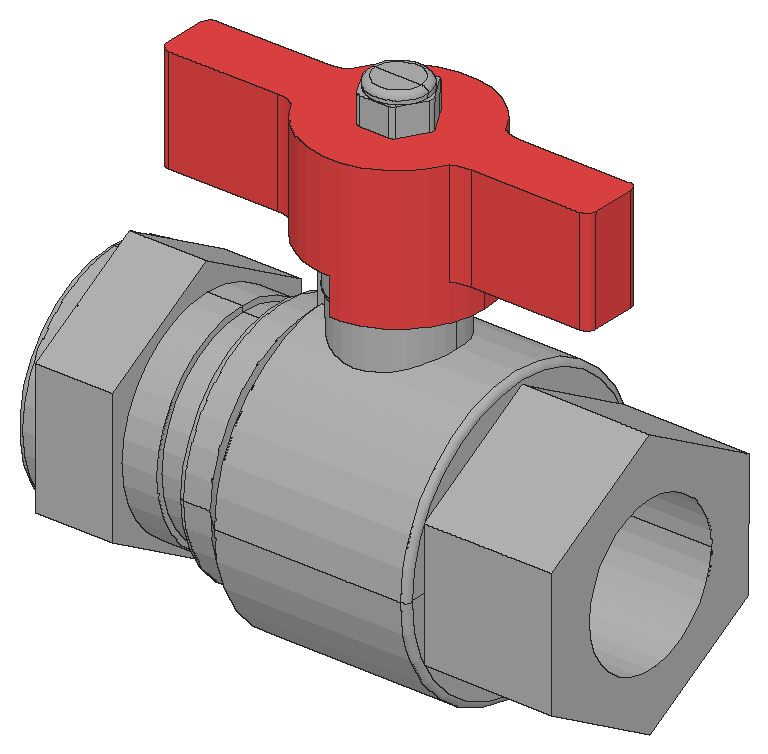
Revit family "QA10860000", category Apparecchi idraulici, Revit 2016
Family settings
  Tipo di parte = Normale
  Quota connettore circolare = Usa diametro
  Numero OmniClass = 23.45.00.00
  Titolo OmniClass = Sanitary, Laundry, and Cleaning Equipment
  Basato su piano di lavoro = No
  Sempre verticale = Sì
  Taglio con vuoti quando caricato = No
  Condiviso = No
  Punto di calcolo locali = No
Parameters
  URL = "https://web.cimberio.it/index.php/figura/349?subcategoria_id=42864"
  DN Model [instance] = QA10863159 : QA10863159
  DN [instance] = 25 mm
Reference planes
  plane 1 "Centro (Fronte/Retro)": y = 0
  plane 2: z = 0
  plane 3 "Centro (Sinistra/Destra)": x = 0
Dimensions and locks
  aligned and locked: level to plane 2
Nested families
  nested 1: "QA10863159" at (0, 0, 0), type <- "DN Model", type "QA10863159"
    with DN 10 mm
  nested 2: "QA10863159" at (0, 0, 0), type <- "DN Model", type "QA10863159"
    with DN 10 mm
  nested 3: "QA10863159" at (0, 0, 0), type <- "DN Model", type "QA10863159"
    with DN 10 mm
  nested 4: "QA10863159" at (0, 0, 0), type <- "DN Model", type "QA10863159"
    with DN 10 mm
  nested 5: "QA10863159" at (0, 0, 0), type <- "DN Model", type "QA10863159"
    with DN 10 mm
  nested 6: "QA10863159" at (0, 0, 0), type <- "DN Model", type "QA10863159"
    with DN 10 mm
Connectors
  piping at (41, 0, 0), diameter 25, driven by "DN"
    settings: on nested 1, index 1, connector inside diameter 609.6 mm, connector length 0 mm, flow factor 0, pipe flow 0.0 L/s, pressure drop 0.0 Pa, fitting loss kfactor 0, connector angle 0.00°, fixture units 0, engagement length 0 mm, angle of deflection 0.00°, flow configuration 0, flow direction 0, fitting loss method 0, system type 7, joint type 0, gender type 0, connector reference index -1, connector utility 0, adjustable connector no, is connector primary yes, connector description ""
  piping at (-43.802, 0, 0), diameter 25, driven by "DN"
    settings: on nested 1, index 2, connector inside diameter 609.6 mm, connector length 0 mm, flow factor 0, pipe flow 0.0 L/s, pressure drop 0.0 Pa, fitting loss kfactor 0, connector angle 0.00°, fixture units 0, engagement length 0 mm, angle of deflection 0.00°, flow configuration 0, flow direction 0, fitting loss method 0, system type 7, joint type 0, gender type 0, connector reference index -1, connector utility 0, adjustable connector no, is connector primary no, connector description ""
Definition of nested family "QA10863159"
  Parameters (values of type "QA10863159")
    DN [instance] = 10 mm  # constant formula
  Reference planes
    plane 1 "Centro (Fronte/Retro)": y = 0
    plane 2: z = 0
    plane 3 "Centro (Sinistra/Destra)": x = 0
  Forms (mm)
    Revolve 1, solid
      sketch origin (0, 0, 0) x (1, 0, 0) y (0, 1, 0)
        loop
          line (-20, 12.5) -> (20.021, 12.5) -> (20.1, 22.5)
          arc (20.1, 22.5) -> (19.808, 23.207) -> (19.101, 23.5) r 1
          line (19.101, 23.5) -> (-11.25, 23.5) -> (-14.75, 20) -> (-19, 20)
          arc (-19, 20) -> (-19.707, 19.707) -> (-20, 19) r 1
          line (-20, 19) -> (-20, 12.5)
        axis (-20, 0) -> (20.1, 0)
      angle from 0 to 360
    Revolve 2, solid
      sketch origin (0, 0, 8) x (1, 0, 0) y (0, 0, 1)
        loop
          line (0.063, 27.3) -> (0.063, 11.623) -> (9.5, 11.623) -> (9.5, 21)
          arc (9.5, 21) -> (9.863, 21.294) -> (10, 21.742) r 0.8
          line (10, 21.742) -> (10, 27.3) -> (0.063, 27.3)
        axis (0.063, 11.623) -> (0.063, 27.3)
      angle from 0 to 360
    Extrusion 3, solid
      sketch origin (0, 0, 8) x (1, 0, 0) y (0, 0, 1)
        loop
          line (-14, 26.3) -> (-14, 22.5) -> (-12, 20.5) -> (-12, 10.345) -> (-7.86, 10.345) -> (-7.86, 26.3) -> (-14, 26.3)
      from -1.5 to 1.5
    Revolve 4, solid
      sketch origin (0, 0, 8) x (1, 0, 0) y (0, 0, 1)
        loop
          line (0, 30.531) -> (-6.985, 30.531) -> (-6.985, 27.3) -> (0, 27.3) -> (0, 30.531)
        axis (0, 30.531) -> (0, 27.3)
      angle from 0 to 360
    Revolve 5, solid
      sketch origin (0, 0, 8) x (1, 0, 0) y (0, 0, 1)
        loop
          line (0, 45.9) -> (-14.026, 45.9) -> (-14.026, 22.8) -> (-7.25, 22.8) -> (-7.25, 38.318) -> (0, 38.318) -> (0, 45.9)
        axis (0, 45.9) -> (0, 22.8)
      angle from 0 to 360
    Revolve 6, solid
      sketch origin (0, 0, 8.107) x (1, 0, 0) y (0, 0, 1)
        loop
          line (0, 51.8) -> (0, 50.016) -> (4.75, 50.016) -> (4.75, 50.8)
          arc (4.75, 50.8) -> (4.457, 51.507) -> (3.75, 51.8) r 1
          line (3.75, 51.8) -> (0, 51.8)
        axis (0, 51.8) -> (0, 50.016)
      angle from 0 to 360
    Extrusion 7, solid
      sketch origin (0, 0, 36.55) x (0.997566, 0.069725, 0) y (-0.069725, 0.997566, 0)
        loop
          line (5.501, 0.127) -> (3.472, 4.287)
          arc (3.472, 4.287) -> (3.145, 4.663) -> (2.674, 4.825) r 0.962
          line (2.674, 4.825) -> (-1.937, 5.147)
          arc (-1.937, 5.147) -> (-2.461, 5.045) -> (-2.864, 4.695) r 1.032
          line (-2.864, 4.695) -> (-5.424, 0.899)
          arc (-5.424, 0.899) -> (-5.599, 0.392) -> (-5.496, -0.136) r 1.038
          line (-5.496, -0.136) -> (-3.479, -4.272)
          arc (-3.479, -4.272) -> (-3.142, -4.659) -> (-2.657, -4.826) r 0.991
          line (-2.657, -4.826) -> (1.958, -5.149)
          arc (1.958, -5.149) -> (2.463, -5.05) -> (2.852, -4.713) r 0.994
          line (2.852, -4.713) -> (5.429, -0.891)
          arc (5.429, -0.891) -> (5.601, -0.392) -> (5.501, 0.127) r 1.021
      from 17.25 to 21.857
    Extrusion 8, void
      sketch origin (0, 0, 36.55) x (1, 0, 0) y (0, 1, 0)
        loop
          line (-8.5, 0) -> (-14.381, 0)
          arc (-14.381, 0) -> (-10.169, -10.169) -> (0, -14.381) r 14.381
          line (0, -14.381) -> (0, -8.5)
          arc (0, -8.5) -> (-6.01, -6.01) -> (-8.5, 0) r 8.5
      from -6.445 to 0.25
    Revolve 9, solid
      sketch origin (0, 0, 0) x (1, 0, 0) y (0, 0, 1)
        loop
          line (-20, 12.5) -> (-20, 16.5) -> (-25.5, 16.5) -> (-25.5, 17.4) -> (-31.302, 17.4) -> (-31.302, 12.5) -> (-20, 12.5)
        axis (-31.302, 0) -> (-20, 0)
      angle from 0 to 360
    Extrusion 10, solid
      sketch origin (-11, 0, 0) x (0, 0, 1) y (0, 1, 0)
        loop
          circle (0, 0) r 12.5
        loop
          line (21.9, 0) -> (10.844, 19.15) -> (-10.844, 19.15) -> (-21.9, 0) -> (-10.844, -19.15) -> (10.844, -19.15) -> (21.9, 0)
      from 20.302 to 32.802
    Revolve 11, solid
      sketch origin (0, 0, 0) x (1, 0, 0) y (0, 0, 1)
        loop
          line (-43.802, 18.75) -> (-46.302, 18.75)
          arc (-46.302, 18.75) -> (-47.009, 18.457) -> (-47.302, 17.75) r 1
          line (-47.302, 17.75) -> (-47.302, 12.5) -> (-43.802, 12.5) -> (-43.802, 18.75)
        axis (-47.302, 0) -> (-43.802, 0)
      angle from 0 to 360
    Extrusion 12, solid
      sketch origin (11.137, 0, 0) x (0, 0, 1) y (0, -1, 0)
        loop
          circle (0, 0) r 12.5
        loop
          line (21.9, 0) -> (10.353, 20) -> (-10.353, 20) -> (-21.9, 0) -> (-10.353, -20) -> (10.353, -20) -> (21.9, 0)
      from 8.885 to 29.863
    Extrusion 13, solid
      sketch origin (0, 0, 28.55) x (1, 0, 0) y (0, 1, 0)
        loop
          arc (-33.5, 5) -> (-34.561, 4.561) -> (-35, 3.5) r 1.5
          line (-35, 3.5) -> (-35, -3.5)
          arc (-35, -3.5) -> (-34.561, -4.56) -> (-33.5, -5) r 1.5
          line (-33.5, -5) -> (-15.798, -5)
          arc (-15.798, -5) -> (-13.02, -5.681) -> (-10.874, -7.571) r 6
          arc (-10.874, -7.571) -> (-13.25, 0) -> (-10.874, 7.572) r 13.25
          arc (-10.874, 7.572) -> (-13.02, 5.682) -> (-15.798, 5) r 6
          line (-15.798, 5) -> (-33.5, 5)
        loop
          line (33.5, 5) -> (15.798, 5)
          arc (15.798, 5) -> (13.02, 5.682) -> (10.874, 7.572) r 6
          arc (10.874, 7.572) -> (13.25, 0) -> (10.874, -7.571) r 13.25
          arc (10.874, -7.571) -> (13.02, -5.681) -> (15.798, -5) r 6
          line (15.798, -5) -> (33.5, -5)
          arc (33.5, -5) -> (34.561, -4.56) -> (35, -3.5) r 1.5
          line (35, -3.5) -> (35, 3.5)
          arc (35, 3.5) -> (34.561, 4.561) -> (33.5, 5) r 1.5
      from 8.25 to 25.35
  Cuts and joins
    Extrusion 8 cuts Revolve 5
    joined: Revolve 5, Extrusion 13
  Dimensions and locks
    aligned and locked: level to plane 2
